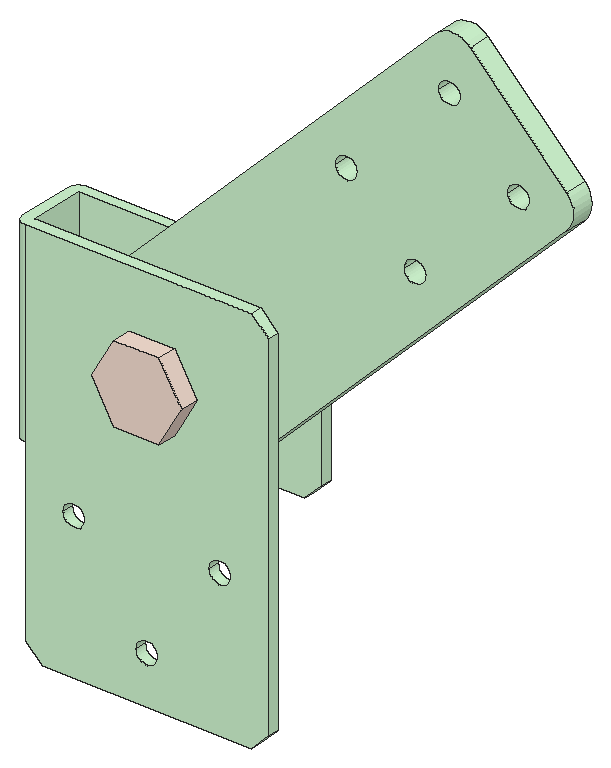
Revit family "brace-kanagu_boshin_right", category 機械設備, Revit 2022
Family settings
  丸型コネクタ寸法 = 直径を使用
  種別 = なし
  パーツ タイプ = 標準
  作業面ベース = いいえ
  常に垂直 = はい
  ロード時にボイドで切り取り = いいえ
  注釈の向きを維持 = いいえ
  共有 = いいえ
  部屋計算ポイント = いいえ
Parameters
  製造元 = "株式会社桐井製作所"
  既定の高さ = 0 mm
  URL = "https://www.kirii.co.jp/"
  K_角度 [instance] = 45.00°
  K_品名 = "防振ブレース金具(右)"
  K_名称 = "防振ブレース下部取付金具"
  K_バージョン情報 = "20211216"
Reference planes
  plane 1 "中心(正面/背面)": y = 0
  plane 2: z = 0
  plane 3 "中心(左/右)": x = 0
  plane 4: z = 60
Forms (mm)
  Extrusion 1, solid
    sketch origin (-2.3, 0, 80) x (1, 0, 0) y (0, 1, 0)
      loop
        line (2.3, 5.7) -> (52.3, 5.7) -> (52.3, 8) -> (2.3, 8)
        arc (2.3, 8) -> (0.674, 7.326) -> (0, 5.7) r 2.3
        line (0, 5.7) -> (0, -5.7)
        arc (0, -5.7) -> (0.674, -7.326) -> (2.3, -8) r 2.3
        line (2.3, -8) -> (52.3, -8) -> (52.3, -5.7) -> (2.3, -5.7) -> (2.3, 5.7)
    from -40 to 0
  Extrusion 2, void
    sketch origin (-2.3, 0, 80) x (1, 0, 0) y (0, 0, 1)
      loop
        line (52.3, -3.5) -> (52.3, 0) -> (48.8, 0) -> (52.3, -3.5)
    from 5.7 to 8
  Extrusion 3, void
    sketch origin (-2.3, 13.7, 80) x (1, 0, 0) y (0, 0, 1)
      loop
        line (52.3, -3.5) -> (52.3, 0) -> (48.8, 0) -> (52.3, -3.5)
    from 5.7 to 8
  Extrusion 4, solid
    sketch origin (-2.3, 0, 80) x (1, 0, 0) y (0, 1, 0)
      loop
        line (52.3, -5.7) -> (2.3, -5.7) -> (2.3, -8) -> (52.3, -8) -> (52.3, -5.7)
    from -80 to -40
  Extrusion 5, void
    sketch origin (-2.3, 0, 80) x (1, 0, 0) y (0, 0, 1)
      loop
        line (52.3, -80) -> (52.3, -76.5) -> (48.8, -80) -> (52.3, -80)
      loop
        line (2.3, -80) -> (5.8, -80) -> (2.3, -76.5) -> (2.3, -80)
    from 5.7 to 8
  Extrusion 6, void
    sketch origin (-2.3, 0, 80) x (1, 0, 0) y (0, 0, 1)
      loop
        circle (12.3, -50) r 2.25
      loop
        circle (42.3, -50) r 2.25
      loop
        circle (27.3, -70) r 2.25
    from 5.7 to 8
  Extrusion 7, void
    sketch origin (-2.3, 0, 80) x (1, 0, 0) y (0, 0, 1)
      loop
        circle (28.3, -20) r 5
    from -8 to -5.7
  Extrusion 8, void
    sketch origin (-2.3, -13.7, 80) x (1, 0, 0) y (0, 0, 1)
      loop
        circle (28.3, -20) r 5
    from -8 to -5.7
  Extrusion 9, void
    sketch origin (-2.3, 13.7, 40) x (1, 0, 0) y (0, 0, 1)
      loop
        line (52.3, 3.5) -> (48.8, 0) -> (52.3, 0) -> (52.3, 3.5)
    from 5.7 to 8
Cuts and joins
  Extrusion 2, Extrusion 3, Extrusion 7, Extrusion 8, Extrusion 9 cuts Extrusion 1
  Extrusion 5, Extrusion 6, Extrusion 9 cuts Extrusion 4
  joined: Extrusion 1, Extrusion 4
Dimensions and locks
  aligned and locked: level to plane 2
Nested families
  nested 1: "防振ブレース金具可動部" at (26, -0.003, 60), type "防振ブレース金具可動部"
Definition of nested family "防振ブレース金具可動部"
  Parameters (values of type "防振ブレース金具可動部")
    Manufacturer = "株式会社桐井製作所"
    Default Elevation = 0 mm
    URL = "https://www.kirii.co.jp/"
    K_品名 = "防振ブレース金具"
    K_名称 = "ブレース下部取付金具"
    K_バージョン情報 = "20211215"
  Reference planes
    plane 1 "中心(正面/背面)": y = 0
    plane 2: z = 0
    plane 3 "中心(左/右)": x = 0
  Forms (mm)
    Extrusion 1, solid, not visible
      sketch origin (0, 0, 0) x (1, 0, 0) y (0, 1, 0)
        loop
          line (-18.2, -3.2) -> (-18.2, -4.104)
          arc (-18.2, -4.104) -> (-14.101, -8.195) -> (-18.192, -12.295) r 4.096
          line (-18.192, -12.295) -> (-18.192, -13.2) -> (-55.2, -13.2) -> (-55.2, -16.4) -> (-18.2, -16.4)
          arc (-18.2, -16.4) -> (-10, -8.2) -> (-18.2, 0) r 8.2
          line (-18.2, 0) -> (-55.2, 0) -> (-55.2, -3.2) -> (-18.2, -3.2)
      from 0 to 36
    Extrusion 2, void, not visible
      sketch origin (169.414, 0, -254.015) x (1, 0, 0) y (0, 0, 1)
        loop
          line (-224.614, 269.007) -> (-224.614, 254.015) -> (-210.114, 254.015)
          arc (-210.114, 254.015) -> (-220.396, 258.578) -> (-224.614, 269.007) r 15
      from 0 to 17
    Extrusion 3, void, not visible
      sketch origin (1.543, 0, 0) x (1, 0, 0) y (0, 0, 1)
        loop
          circle (-35.2, 18.1) r 8
      from 0 to 17
    Extrusion 4, void, not visible
      sketch origin (0, 0, 0) x (1, 0, 0) y (0, 1, 0)
        loop
          arc (-18.2, -16.4) -> (-10, -8.2) -> (-18.2, 0) r 8.2
          line (-18.2, 0) -> (-18.2, -1.007)
          arc (-18.2, -1.007) -> (-11.001, -8.199) -> (-18.2, -15.392) r 7.193
          line (-18.2, -15.392) -> (-18.2, -16.4)
      from 0 to 2
    Extrusion 5, void, not visible
      sketch origin (0, 0, 21.29) x (1, 0, 0) y (0, 1, 0)
        loop
          arc (-18.2, -16.4) -> (-10, -8.2) -> (-18.2, 0) r 8.2
          line (-18.2, 0) -> (-18.2, -1.007)
          arc (-18.2, -1.007) -> (-11.001, -8.199) -> (-18.2, -15.392) r 7.193
          line (-18.2, -15.392) -> (-18.2, -16.4)
      from 0 to 2
    Extrusion 6, void, not visible
      sketch origin (0, 0, 16.29) x (1, 0, 0) y (0, 1, 0)
        loop
          arc (-18.2, -16.4) -> (-10, -8.2) -> (-18.2, 0) r 8.2
          line (-18.2, 0) -> (-18.2, -16.4)
      from 0 to 5
    Extrusion 7, void, not visible
      sketch origin (169.414, 0, -289.015) x (1, 0, 0) y (0, 0, 1)
        loop
          arc (-224.614, 311.023) -> (-220.396, 321.452) -> (-210.114, 326.015) r 15
          line (-210.114, 326.015) -> (-224.614, 326.015) -> (-224.614, 311.023)
      from 0 to 17
    Extrusion 8, void, not visible
      sketch origin (1.543, 0, -35) x (1, 0, 0) y (0, 0, 1)
        loop
          circle (-35.2, 53.9) r 8
      from 0 to 17
    Extrusion 9, solid, not visible
      sketch origin (0, 0, -71) x (1, 0, 0) y (0, 1, 0)
        loop
          line (-18.2, -3.2) -> (-18.2, -4.104)
          arc (-18.2, -4.104) -> (-14.101, -8.195) -> (-18.192, -12.295) r 4.096
          line (-18.192, -12.295) -> (-18.192, -13.2) -> (-55.2, -13.2) -> (-55.2, -16.4) -> (-18.2, -16.4)
          arc (-18.2, -16.4) -> (-10, -8.2) -> (-18.2, 0) r 8.2
          line (-18.2, 0) -> (-55.2, 0) -> (-55.2, -3.2) -> (-18.2, -3.2)
      from 0 to 36
    Extrusion 10, void, not visible
      sketch origin (0.008, 0, -37) x (1, 0, 0) y (0, 1, 0)
        loop
          arc (-18.2, -16.4) -> (-10, -8.2) -> (-18.2, 0) r 8.2
          line (-18.2, 0) -> (-18.2, -1.007)
          arc (-18.2, -1.007) -> (-11.001, -8.199) -> (-18.2, -15.392) r 7.193
          line (-18.2, -15.392) -> (-18.2, -16.4)
      from 0 to 2
    Extrusion 11, void, not visible
      sketch origin (0.008, 0, -15.71) x (1, 0, 0) y (0, 1, 0)
        loop
          arc (-18.2, -16.4) -> (-10, -8.2) -> (-18.2, 0) r 8.2
          line (-18.2, 0) -> (-18.2, -1.007)
          arc (-18.2, -1.007) -> (-11.001, -8.199) -> (-18.2, -15.392) r 7.193
          line (-18.2, -15.392) -> (-18.2, -16.4)
      from 0 to 2
    Extrusion 12, void, not visible
      sketch origin (0.008, 0, -20.71) x (1, 0, 0) y (0, 1, 0)
        loop
          arc (-18.2, -16.4) -> (-10, -8.2) -> (-18.2, 0) r 8.2
          line (-18.2, 0) -> (-18.2, -16.4)
      from 0 to 5
    Extrusion 13, solid
      sketch origin (0, 0, -0.148) x (1, 0, 0) y (0, 0, 1)
        loop
          line (53.74, 80.759) -> (-13.435, 13.583)
          arc (-13.435, 13.583) -> (-13.435, -13.287) -> (13.435, -13.287) r 19
          line (13.435, -13.287) -> (80.61, 53.889)
          arc (80.61, 53.889) -> (82.075, 57.424) -> (80.61, 60.96) r 5
          line (80.61, 60.96) -> (60.811, 80.759)
          arc (60.811, 80.759) -> (57.276, 82.223) -> (53.74, 80.759) r 5
      from -2.25 to 2.25
    Extrusion 14, void
      sketch origin (0, 0, -0.148) x (1, 0, 0) y (0, 0, 1)
        loop
          circle (56.569, 70.859) r 2.25
        loop
          circle (70.711, 56.717) r 2.25
        loop
          circle (49.497, 35.504) r 2.25
        loop
          circle (35.355, 49.646) r 2.25
      from -2.25 to 2.25
    Extrusion 15, void
      sketch origin (0, 0, -0.148) x (1, 0, 0) y (0, 0, 1)
        loop
          circle (0, 0.148) r 5
      from -2.25 to 2.25
    Extrusion 16, solid
      sketch origin (0, 0, -0.148) x (1, 0, 0) y (0, 0, 1)
        loop
          circle (0, 0.148) r 14
        loop
          circle (0, 0.148) r 5
      from 2.25 to 5.7
    Extrusion 17, solid
      sketch origin (0, 7.95, -0.148) x (1, 0, 0) y (0, 0, 1)
        loop
          circle (0, 0.148) r 14
        loop
          circle (0, 0.148) r 5
      from 2.25 to 5.7
  Cuts and joins
    Extrusion 14, Extrusion 15 cuts Extrusion 13
  Lines and regions (mm)
    reference lines
      curve 1: line (0, 0, 0) -> (70.711, 0, 70.711)
  Dimensions and locks
    aligned and locked: level to plane 2
  Nested families
    nested 1: "M10×25ボルト" at (0, -12, 0) x (-1, 0, 0) z (0, 0, 1), type "M10×25ボルト"
    nested 2: "ナット" at (0, 7.992, 0) x (1, 0, 0) z (0, 1, 0), type "ナット"
  Definition of nested family "M10×25ボルト"
    Parameters (values of type "M10×25ボルト")
      Manufacturer = "株式会社桐井製作所"
      Default Elevation = 0 mm
      URL = "https://www.kirii.co.jp/"
      K_材料規格 = "M10×L25"
      K_品名 = "M10×25ボルト"
      K_名称 = "M10×25ボルト"
      K_備考 = "KIRIIアングルクランプ付属品"
    Reference planes
      plane 1 "中心(正面/背面)": y = 0
      plane 2: z = 0
      plane 3 "中心(左/右)": x = 0
      plane 4: x = 8
      plane 5: x = -8
      plane 6 "正面": y = -4
      plane 7: z = 8
      plane 8: z = -8
    Forms (mm)
      Extrusion 1, solid
        sketch origin (0, 0, 0) x (1, 0, 0) y (0, 0, 1)
          loop
            line (-4.619, 8) -> (-9.238, 0) -> (-4.619, -8) -> (4.619, -8) -> (9.238, 0) -> (4.619, 8) -> (-4.619, 8)
        from 0 to 4
      Extrusion 2, solid
        sketch origin (0, 0, 25.676) x (1, 0, 0) y (0, 0, 1)
          loop
            circle (0, -25.676) r 4.1
        from 4 to 29
    Cuts and joins
      joined: Extrusion 1, Extrusion 2
    Lines and regions (mm)
      model lines
        curve 1: circle (0, 0, 0) r 8 normal (0, -1, 0)
    Dimensions and locks
      aligned and locked: level to plane 2
  Definition of nested family "ナット"
    Parameters (values of type "ナット")
      Default Elevation = 1219.2 mm
    Reference planes
      plane 1 "中心(正面/背面)": y = 0
      plane 2: z = 0
      plane 3 "中心(左/右)": x = 0
    Forms (mm)
      Extrusion 1, solid
        sketch origin (0, 0, 0) x (1, 0, 0) y (0, 1, 0)
          loop
            line (-55, 45) -> (-55, -45.273) -> (55.986, -45.273) -> (55.986, 45) -> (-55, 45)
        from 0 to -304.8
      Revolve 2, solid
        sketch origin (0, 0, 2.36) x (1, 0, 0) y (0, 0, 1)
          loop
            arc (8.083, 4.64) -> (7.781, 5.356) -> (7.057, 5.64) r 1
            line (7.057, 5.64) -> (4.765, 5.64) -> (4.765, -2.36) -> (8.083, -2.36) -> (8.083, 4.64)
          axis (0, 5.64) -> (0, -2.36)
        angle from 0 to 360
      Extrusion 3, void
        sketch origin (0, 0, 0) x (1, 0, 0) y (0, 1, 0)
          loop
            line (8.083, 0) -> (4.041, 7) -> (-4.041, 7) -> (-8.083, 0) -> (-4.041, -7) -> (4.041, -7) -> (8.083, 0)
          loop
            circle (0, 0) r 8.42
        from 0 to 8.277
    Cuts and joins
      Extrusion 3 cuts Revolve 2
    Dimensions and locks
      aligned and locked: plane 2 to Extrusion 1
      aligned and locked: level to Extrusion 1
